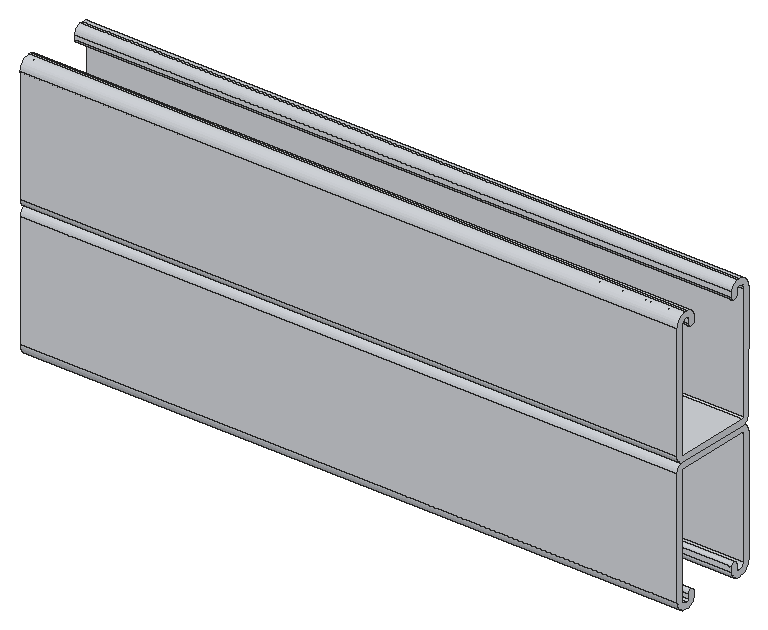
Revit family "Channel-Unistrut-P5501", category Specialty Equipment, Revit 2012
Parameters (values of type "Parametric")
  ecoScorecard_data = ""
  ecoScorecard Product Page = ""
  Weight Per Foot = 4.94 lbf/ft
  Unit = none
  URL = "http://unistrut.us/index.php"
  Subcategory = "1 5/8\" Channels"
  Product Page URL = "http://unistrut.us/index.php?WP=cat_detail&S=S02&P=P5501"
  Power Strut Part Number = "PS 200 KO6"  # constant formula
  Part Type = "Channel"  # constant formula
  Part Number = ""
  Overall Width = 1 5/8"
  Overall Height = 4 7/8"  # constant formula
  Model = "P5501"  # constant formula
  Material = "Multiple Options - See Catalog"
  Manufacturer Toll Free Phone = "800-882-5543"  # constant formula
  Manufacturer Phone = "708-339-1610"  # constant formula
  Manufacturer Fax = "708-339-7814"  # constant formula
  Manufacturer Email = "mailto:questions@atkore.com"
  Manufacturer Address = "16100 South Lathrop Avenue, Harvey, IL 60426"  # constant formula
  Manufacturer = "Unistrut by Atkore International"  # constant formula
  Load Capacity Note = "Visit the product page for load application and capacity."  # constant formula
  Literature URL = "http://unistrut.us/index.php?WP=LItLibrary"
  Length [instance] = 12"
  Hole Spacing On Center Dimension = 6"
  Hole Spacing From End Dimension = 7/8"
  Gauge Thickness = "12 Gauge (.105”)"  # constant formula
  Description = "P5501 Channel"
  Cost Info = "mailto:questions@atkore.com"
  Category = "Specialty Equipment"  # constant formula
  CSI MasterSpec = "http://www.unistrut.us/a_files/TechRef/Unistrut_CSI_05430.pdf"
  CAD URL = "http://unistrut.us/index.php?WP=CAD3d"
  Assembly Code = "D5020100"
  Allowable Moment = 39.237 N·m
  95 CSI = "16070"  # constant formula
  04 CSI = "26 05 48"  # constant formula
Reference planes (in)
  plane 1 "Center (Front/Back)": y = 0
  plane 2: z = 0
  plane 3 "Center (Left/Right)": x = 0
  plane 4: y = 0.8125
  plane 5: y = -0.8125
  plane 6: z = 4.875
  plane 7: x = -6
  plane 8: x = 6
Dimensions and locks (in)
  "Overall Width": plane 4 to plane 5
  equal spacing: plane 4, plane 1 "Center (Front/Back)", plane 5
  "Overall Height": plane 6 to level
  "Length": plane 7 to plane 8
  equal spacing: plane 7, plane 3 "Center (Left/Right)", plane 8
  aligned and locked: level to plane 2
  aligned and locked: nested 1 to plane 1 "Center (Front/Back)"
  aligned and locked: nested 1 to plane 8
  aligned and locked: plane 3 "Center (Left/Right)" to nested 1
Nested families (in)
  nested 1: "P5501_" at (0, 0, 0) x (0, 1, 0) z (0, 0, 1), type "P5501_"
Definition of nested family "P5501_"
  Parameters (values of type "P5501_")
    Width = 1 5/8"
    Unit = none
    Length = 12"
    Height = 4 7/8"
  Reference planes (in)
    plane 1 "Center (Front/Back)": y = 0
    plane 2: z = 0
    plane 3 "Center (Left/Right)": x = 0
    plane 4: y = 6
    plane 5: y = -6
    plane 6: x = -0.8125
    plane 7: x = 0.8125
    plane 8: z = 4.875
  Forms (in)
    Sweep 1, solid, material <- "Unit", detail levels fine
      path origin (0, 0, 0) x (1, 0, 0) y (0, 1, 0)
        loop
          line (0, -6) -> (0, 6)
      profile origin (0, 0, 0) x (-1, 0, 0) y (0, 0, 1)
        loop
          line (-0.7075, 0.19875) -> (-0.7075, 2.30125)
          arc (-0.7075, 2.30125) -> (-0.69835, 2.32335) -> (-0.67625, 2.3325) r 0.03125
          line (-0.67625, 2.3325) -> (0.67625, 2.3325)
          arc (0.67625, 2.3325) -> (0.69835, 2.32335) -> (0.7075, 2.30125) r 0.03125
          line (0.7075, 2.30125) -> (0.7075, 0.19875)
          arc (0.7075, 0.19875) -> (0.68004, 0.13246) -> (0.61375, 0.105) r 0.09375
          line (0.61375, 0.105) -> (0.57375, 0.105)
          arc (0.57375, 0.105) -> (0.55165, 0.11415) -> (0.5425, 0.13625) r 0.03125
          line (0.5425, 0.13625) -> (0.5425, 0.2285)
          arc (0.5425, 0.2285) -> (0.49, 0.281) -> (0.4375, 0.2285) r 0.0525
          line (0.4375, 0.2285) -> (0.4375, 0.13625)
          arc (0.4375, 0.13625) -> (0.47741, 0.03991) -> (0.57375, 0) r 0.13625
          line (0.57375, 0) -> (0.61375, 0)
          arc (0.61375, 0) -> (0.75429, 0.05821) -> (0.8125, 0.19875) r 0.19875
          line (0.8125, 0.19875) -> (0.8125, 2.30125)
          arc (0.8125, 2.30125) -> (0.77259, 2.39759) -> (0.67625, 2.4375) r 0.13625
          line (0.67625, 2.4375) -> (-0.67625, 2.4375)
          arc (-0.67625, 2.4375) -> (-0.77259, 2.39759) -> (-0.8125, 2.30125) r 0.13625
          line (-0.8125, 2.30125) -> (-0.8125, 0.19875)
          arc (-0.8125, 0.19875) -> (-0.75429, 0.05821) -> (-0.61375, 0) r 0.19875
          line (-0.61375, 0) -> (-0.57375, 0)
          arc (-0.57375, 0) -> (-0.47741, 0.03991) -> (-0.4375, 0.13625) r 0.13625
          line (-0.4375, 0.13625) -> (-0.4375, 0.2285)
          arc (-0.4375, 0.2285) -> (-0.49, 0.281) -> (-0.5425, 0.2285) r 0.0525
          line (-0.5425, 0.2285) -> (-0.5425, 0.13625)
          arc (-0.5425, 0.13625) -> (-0.55165, 0.11415) -> (-0.57375, 0.105) r 0.03125
          line (-0.57375, 0.105) -> (-0.61375, 0.105)
          arc (-0.61375, 0.105) -> (-0.68004, 0.13246) -> (-0.7075, 0.19875) r 0.09375
    Sweep 2, solid, material <- "Unit", detail levels fine
      path origin (0, 0, 0) x (1, 0, 0) y (0, 1, 0)
        loop
          line (0, 6) -> (0, -6)
      profile origin (0, 0, 0) x (1, 0, 0) y (0, 0, 1)
        loop
          line (-0.7075, 2.57556) -> (-0.7075, 4.67025)
          arc (-0.7075, 4.67025) -> (-0.68004, 4.73654) -> (-0.61375, 4.764) r 0.09375
          line (-0.61375, 4.764) -> (-0.57375, 4.764)
          arc (-0.57375, 4.764) -> (-0.55165, 4.75484) -> (-0.5425, 4.73275) r 0.03125
          line (-0.5425, 4.73275) -> (-0.5425, 4.6405)
          arc (-0.5425, 4.6405) -> (-0.49, 4.588) -> (-0.4375, 4.6405) r 0.0525
          line (-0.4375, 4.6405) -> (-0.4375, 4.73275)
          arc (-0.4375, 4.73275) -> (-0.47741, 4.82909) -> (-0.57375, 4.869) r 0.13625
          line (-0.57375, 4.869) -> (-0.61375, 4.869)
          arc (-0.61375, 4.869) -> (-0.75429, 4.81078) -> (-0.8125, 4.67025) r 0.19875
          line (-0.8125, 4.67025) -> (-0.8125, 2.57556)
          arc (-0.8125, 2.57556) -> (-0.77259, 2.47922) -> (-0.67625, 2.43931) r 0.13625
          line (-0.67625, 2.43931) -> (0.67625, 2.43931)
          arc (0.67625, 2.43931) -> (0.77259, 2.47922) -> (0.8125, 2.57556) r 0.13625
          line (0.8125, 2.57556) -> (0.8125, 4.67025)
          arc (0.8125, 4.67025) -> (0.75429, 4.81078) -> (0.61375, 4.869) r 0.19875
          line (0.61375, 4.869) -> (0.57375, 4.869)
          arc (0.57375, 4.869) -> (0.47741, 4.82909) -> (0.4375, 4.73275) r 0.13625
          line (0.4375, 4.73275) -> (0.4375, 4.6405)
          arc (0.4375, 4.6405) -> (0.49, 4.588) -> (0.5425, 4.6405) r 0.0525
          line (0.5425, 4.6405) -> (0.5425, 4.73275)
          arc (0.5425, 4.73275) -> (0.55165, 4.75484) -> (0.57375, 4.764) r 0.03125
          line (0.57375, 4.764) -> (0.61375, 4.764)
          arc (0.61375, 4.764) -> (0.68004, 4.73654) -> (0.7075, 4.67025) r 0.09375
          line (0.7075, 4.67025) -> (0.7075, 2.57556)
          arc (0.7075, 2.57556) -> (0.69835, 2.55346) -> (0.67625, 2.54431) r 0.03125
          line (0.67625, 2.54431) -> (-0.67625, 2.54431)
          arc (-0.67625, 2.54431) -> (-0.69835, 2.55346) -> (-0.7075, 2.57556) r 0.03125
    Sweep 3, solid, material <- "Unit", detail levels coarse+medium
      path origin (0, 0, 0) x (1, 0, 0) y (0, 1, 0)
        loop
          line (0, 6) -> (0, -6)
      profile origin (0, 0, 0) x (1, 0, 0) y (0, 0, 1)
        loop
          line (-0.8125, 4.875) -> (-0.8125, 0) -> (0.8125, 0) -> (0.8125, 4.875) -> (-0.8125, 4.875)
  Lines and regions (in)
    symbolic lines, style "Channel", detail levels fine
      curve 1: line (-0.4375, -6, 0) -> (-0.4375, 6, 0)
      curve 2: line (0.4375, 6, 0) -> (0.4375, -6, 0)
    symbolic lines, style "Channel"
      curve 3: line (-0.8125, 6, 0) -> (0.8125, 6, 0)
      curve 4: line (0.8125, 6, 0) -> (0.8125, -6, 0)
      curve 5: line (-0.8125, 6, 0) -> (-0.8125, -6, 0)
      curve 6: line (-0.8125, -6, 0) -> (0.8125, -6, 0)
  Dimensions and locks (in)
    equal spacing: plane 5, plane 1 "Center (Front/Back)", plane 4
    "Length": plane 4 to plane 5
    equal spacing: plane 6, plane 3 "Center (Left/Right)", plane 7
    "Width": plane 6 to plane 7
    "Height": plane 8 to level
    aligned and locked: level to plane 2
    aligned and locked: plane 5 to Sweep 1 sketch curve
    aligned and locked: plane 4 to Sweep 1 sketch curve
    aligned and locked: plane 3 "Center (Left/Right)" to Sweep 1 sketch curve
    aligned and locked: plane 4 to Sweep 2 sketch curve
    aligned and locked: plane 5 to Sweep 2 sketch curve
    aligned and locked: Sweep 2 sketch curve to plane 3 "Center (Left/Right)"
    aligned and locked: plane 5 to Sweep 3 sketch curve
    aligned and locked: plane 4 to Sweep 3 sketch curve
    aligned and locked: Sweep 3 sketch curve to plane 3 "Center (Left/Right)"
    aligned and locked: Sweep 3 sketch curve to plane 8
    aligned and locked: Sweep 3 sketch curve to plane 6
    aligned and locked: plane 7 to Sweep 3 sketch curve
    aligned and locked: profile plane to Sweep 3 sketch curve
    aligned and locked: plane 5 to Sweep 2
    aligned and locked: plane 5 to curve 1
    aligned and locked: plane 4 to curve 2
    aligned and locked: plane 4 to Sweep 2
    aligned and locked: curve 3 to plane 4
    aligned and locked: plane 7 to curve 4
    aligned and locked: curve 5 to plane 6
    aligned and locked: plane 5 to curve 6
  Automatic sketch dimensions
    Sweep 2 sketch curve to Sweep 2 sketch curve = 0"  (x13)
    profile plane to Sweep 2 sketch curve = 13/16"
    Sweep 2 sketch curve to Sweep 2 sketch curve = 0.105"
    Sweep 2 sketch curve to Sweep 2 sketch curve = 1/32"  (x4)
    Sweep 2 sketch curve to Sweep 2 sketch curve = 3/32"
    Sweep 2 sketch curve to Sweep 2 sketch curve = 0.04"  (x2)
    Sweep 2 sketch curve to profile plane = 7/16"
    Sweep 2 sketch curve to profile plane = 0.67625"
    level to Sweep 2 sketch curve = 2.43931"
    Sweep 2 sketch curve to Sweep 2 sketch curve = 2.06494"
    Sweep 2 sketch curve to Sweep 2 sketch curve = 0.02975"  (x2)
    plane 6 to curve 1 = 3/8"
    plane 7 to curve 2 = 3/8"
